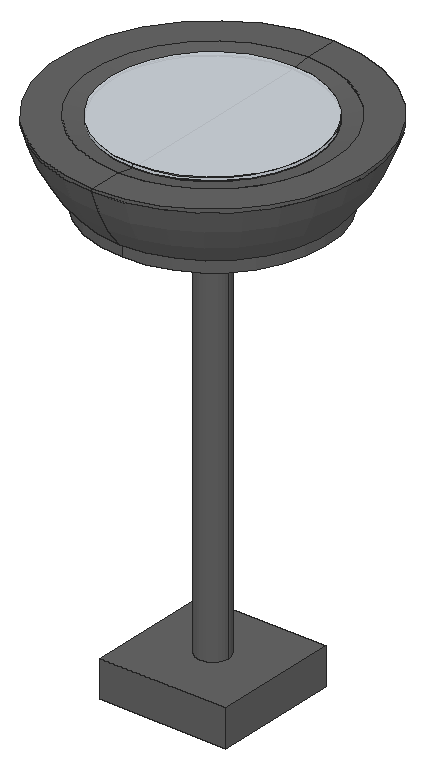
Revit family "SRT1-Pendant", category Lighting Fixtures, host Face, Revit 2021
Family settings
  Host = Face
  Round Connector Dimension = Use Diameter
  Part Type = Normal
  OmniClass Number = 23.80.70.11.14.11
  OmniClass Title = Downlights
  Cut with Voids When Loaded = No
  Light Source = Yes
  Shared = No
  Room Calculation Point = No
Parameters (values of type "SRT1")
  Wattage Comments = "20-55W"
  Wattage = 55 W
  Warranty = "• 5 year warranty\r\n• See HLI Standard Warranty for\r\nadditional information"  # constant formula
  built-in parameter 1150110 = 1 (stored number, unit not read)
  Voltage = 120 V
  built-in parameter 1114217 = 1 (stored number, unit not read)
  Tilt Angle = -90.00°  # constant formula
  built-in parameter 1150109 = 1 (stored number, unit not read)
  built-in parameter 1150134 = 3
  built-in parameter 1150113 = 1 (stored number, unit not read)
  Photometric Web File = "SRT1-55-3K7-5C.ies"
  Features = "•\tCompact and low profile housing measuring 12inch x 3.1inch\r\n•\tVisual comfort edge-lit design\r\n•\t2,500-6,000 lumens\r\n•\tOption uplight module provides 800 lumens of indirect illumination\r\n•\tSurface and pendant mounting options\r\n•\tControl options including occupancy sensing with photocontrol\r\n•\tOptional bird shield and vandal deterring wire guard\r\n\r\n"  # constant formula
  Cord Height = 17.500"  # constant formula
  built-in parameter 1150105 = 433.3 (stored number, unit not read)
  Lumens = 5445 lm
  built-in parameter 1150115 = 1 (stored number, unit not read)
  built-in parameter 1150137 = (empty or 0)
  built-in parameter 1150139 = (empty or 0)
  built-in parameter 1150112 = 1 (stored number, unit not read)
  built-in parameter 1150114 = 1 (stored number, unit not read)
  built-in parameter 1150132 = (empty or 0)
  built-in parameter 1150102 = (empty or 0)
  built-in parameter 1150107 = 3200 (stored number, unit not read)
  built-in parameter 1150138 = (empty or 0)
  built-in parameter 1150106 = 4.333 (stored number, unit not read)
  Emit from Circle Diameter = 4.000"  # constant formula
  Emit Shape Visible in Rendering = no
  built-in parameter 1150104 = 9.1974 (stored number, unit not read)
  Dimming Lamp Color Temperature Shift = <None>
  Copyright = "©  Beacon Products"  # constant formula
  Contact us = ""
  Color Filter = 16777215
  Certifications = "• cCSAus certified to UL 1598\r\n• Wall Mount: Suitable for wet locations\r\n• Surface & Pendant Mount: Suitable for wet\r\nlocations under covered ceiling\r\n• Cord Mount and all Wall Wash: Suitable for\r\ndamp locations"  # constant formula
  built-in parameter 1114218 = 1 (stored number, unit not read)
  Ballast = Paint -  Carbon Black
  URL = "https://www.currentlighting.com/beacon"
  Product Page URL = ""
  Product Documentation Link = ""
  Model = "SRT1"  # constant formula
  Manufacturer = "Beacon Products"  # constant formula
  Lamp = "LED Lamp"
  Reflector = Glass
  Description = "Small Edge-Lit luminaire, the ideal solution for parking garage and canopy applications. Provides exceptional visual comfort and photometric performance in sleek low profile housing. Available in a wide range of lumen outputs and photometric distributions paired with a specially designed lens for optimal visual comfort and performance."  # constant formula
  Default Elevation = 48.000"
  built-in parameter 1150133 = 10 (stored number, unit not read)
  Apparent Load = 25 VA  # constant formula
Reference planes (in)
  plane 1 "Center (Front/Back)": y = 0
  plane 2: z = 0
  plane 3 "Center (Left/Right)": x = 0
  plane 4: z = 17.5
  plane 5: z = 17.25
  plane 6: x = -1
  plane 7: y = 1
  plane 8: x = 1
  plane 9: y = -1
Forms (in)
  Revolve 1, solid, material "Paint -  Carbon Black" <- "Ballast"
    sketch origin (0, 0, -5.91673) x (1, 0, 0) y (0, 0, 1)
      loop
        line (0, 23.41673) -> (-0.625, 23.41673) -> (-0.625, 7.36595) -> (-0.625, 5.91673) -> (0, 5.91673) -> (0, 23.41673)
      axis (0, 23.41673) -> (0, 5.91673)
    angle from 0 to 360
  Extrusion 2, solid, material "Paint -  Carbon Black" <- "Ballast"
    sketch origin (0, 0, 0) x (1, 0, 0) y (0, 1, 0)
      loop
        line (-2.5, 2.5) -> (-2.5, -2.5) -> (2.5, -2.5) -> (2.5, 2.5) -> (-2.5, 2.5)
    from 0 to 1.44922
Cuts and joins
  joined: Revolve 1, Extrusion 2
Dimensions and locks (in)
  "Cord Height": plane 4 to host face
  locked: plane 4 to plane 5 at 0.25
  plane 6 to plane 3 "Center (Left/Right)" to plane 8 = 1.000" locked, 1.000" locked
  plane 7 to plane 1 "Center (Front/Back)" to plane 9 = 1.000" locked, 1.000" locked
  nested 1 to nested 1 = 12.000"
  nested 1 to plane 4 = 3.100"
  aligned and locked: plane 2 to host face
  aligned and locked: Revolve 1 sketch curve to plane 4
  aligned and locked: plane 3 "Center (Left/Right)" to nested 1
  aligned and locked: nested 1 to plane 1 "Center (Front/Back)"
  aligned and locked: Extrusion 2 to level
  aligned and locked: plane 3 "Center (Left/Right)" to imposter light
  aligned and locked: imposter light to nested 1
Automatic sketch dimensions
  host sketch curve to host sketch curve = 96.000"  (x2)
  Extrusion 2 sketch curve to plane 6 = 1.500"
  plane 8 to Extrusion 2 sketch curve = 1.500"
  Extrusion 2 sketch curve to plane 9 = 1.500"
  plane 7 to Extrusion 2 sketch curve = 1.500"
  plane 6 to Revolve 1 sketch curve = 0.375"
  Revolve 1 sketch curve to level = 0.000"
  Revolve 1 sketch curve to plane 3 "Center (Left/Right)" = 0.000"  (x2)
  Revolve 1 sketch curve to level = 13.75728"
  Revolve 1 sketch curve to Revolve 1 sketch curve = 1.44922"
  Revolve 1 sketch curve to Revolve 1 sketch curve = 7.74272"
Nested families (in)
  nested 1: "LTC" at (0, 0, 17.5) x (0, 1, 0) z (0, 0, 1), Ballast <- "Ballast", Reflector <- "Reflector", type "6"
    with Reflector Glass, Ballast Paint -  Carbon Black
Connectors (in)
  electrical at (0, 0, 0), driven by "Description", driven by "Voltage", driven by "Apparent Load"
    settings: index 1, voltage 120 V, apparent load 25 VA, apparent load phase1 0 VA, apparent load phase2 0 VA, apparent load phase3 0 VA, power factor 1, load classification "Other", number of poles 1, system type 30, power factor state 1, is connector primary yes, connector utility no, sub classification motor no, connector description "Small Edge-Lit luminaire, the ideal solution for parking garage and canopy applications. Provides exceptional visual comfort and photometric performance in sleek low profile housing. Available in a wide range of lumen outputs and photometric distributions paired with a specially designed lens for optimal visual comfort and performance."
Definition of nested family "LTC"
  Parameters
    Width = 12.000"
    Wattage Comments = ""
    Lamp = ""
    Ballast [instance] = none
    URL = ""
    Product Page URL = ""
    Product Documentation Link = ""
    Model = ""
    Manufacturer Phone = ""
    Manufacturer Fax = ""
    Manufacturer = "Prescolite"
    Reflector [instance] = none
    Description = ""
    Default Elevation = 48.000"
  Reference planes (in)
    plane 1 "Center (Front/Back)": y = 0
    plane 2: z = 0
    plane 3 "Center (Left/Right)": x = 0
    plane 4: y = 7.75
    plane 5: y = -7.75
    plane 6: x = -6
    plane 7: x = 6
    plane 8: z = 3.1
    plane 9: z = 0.125
    plane 10: x = 5.875
    plane 11: z = 2.975
  Forms (in)
    Extrusion 1, solid
      sketch origin (0, 0, 0) x (1, 0, 0) y (0, 1, 0)
        loop
          line (-48, 48) -> (-48, -48) -> (48, -48) -> (48, 48) -> (-48, 48)
      from 0 to -6
    Extrusion 2, solid, material <- "Reflector"
      sketch origin (0, 0, 30.25) x (1, 0, 0) y (0, 1, 0)
        loop
          circle (0, 0) r 4
      from -27.15 to -27.275
    Revolve 3, solid, material <- "Ballast"
      sketch origin (0, 0, -1.25) x (1, 0, 0) y (0, 0, 1)
        loop
          line (0, 1.25) -> (4.5, 1.25) -> (4.5, 1.75) -> (4.61174, 1.75)
          arc (4.61174, 1.75) -> (5.45102, 2.90609) -> (6, 4.225) r 6.13184
          line (6, 4.225) -> (6, 4.35) -> (4.70891, 4.35) -> (4, 4.225) -> (0, 4.225) -> (0, 1.25)
        axis (0, 4.35) -> (0, 1.25)
      angle from 0 to 360
  Dimensions and locks (in)
    locked: plane 4 to plane 1 "Center (Front/Back)" at 7.75
    locked: plane 5 to plane 1 "Center (Front/Back)" at 7.75
    "Width": plane 7 to plane 6
    plane 8 to Extrusion 1 = 3.100"
    locked: plane 8 to plane 11 at 0.125
    locked: plane 7 to plane 10 at 0.125
    equal spacing: plane 7, plane 3 "Center (Left/Right)", plane 6
    locked: plane 9 to Extrusion 1 at 0.125
    aligned and locked: plane 2 to Extrusion 1
    aligned and locked: Extrusion 2 to plane 11
  Automatic sketch dimensions
    Extrusion 1 sketch curve to Extrusion 1 sketch curve = 96.000"  (x2)
    Revolve 3 sketch curve to plane 3 "Center (Left/Right)" = 0.000"  (x2)
    Revolve 3 sketch curve to level = 0.000"
    Revolve 3 sketch curve to plane 11 = 0.000"  (x2)
    Revolve 3 sketch curve to plane 8 = 0.000"
    Revolve 3 sketch curve to plane 7 = 0.000"
    plane 3 "Center (Left/Right)" to Revolve 3 sketch curve = 0.10303"
    Revolve 3 sketch curve to plane 10 = 1.375"
    Revolve 3 sketch curve to Revolve 3 sketch curve = 0.11174"
    Revolve 3 sketch curve to Revolve 3 sketch curve = 0.500"
    Revolve 3 sketch curve to plane 10 = 1.875"
    Revolve 3 sketch curve to Revolve 3 sketch curve = 0.70891"
    Revolve 3 sketch curve to level = 10.000"
    Revolve 3 sketch curve to Revolve 3 sketch curve = 8.000"
    plane 1 "Center (Front/Back)" to Extrusion 2 sketch curve = 0.000"
    Extrusion 2 sketch curve to plane 3 "Center (Left/Right)" = 0.000"
    radius of Extrusion 2 sketch curve = 4.000"
